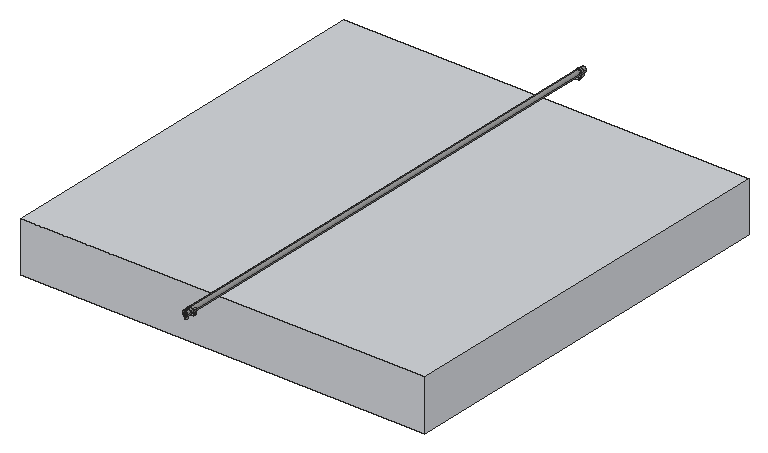
Revit family "L-line A 3.0", category Осветительные приборы, Revit 2017 (continued)
Types (6, lengths in mm): name | Wattage | built-in parameter 1150134 | Файл фотометрической сетки | built-in parameter 1150142 | built-in parameter 1150105 | Lumens | built-in parameter 1150107 | built-in parameter 1150106 | Артикул
  L-line A 3.0 3.0K Д (матовый) | 61.7738 W | (empty or 0) | "L-line A 3.0-86-D-3.0K-03.ies" | "IESNA:LM-63-1995\r\n[TEST]LEDEL\r\n[DATA]28.10.2017\r\n[MANUFAC]LEDEL\r\n[LUMCAT]L-line A 3.0/86/Д/3.0K/03\r\n[LUMINAIRE]Предназначен  для  архитектурной и декоративной  подсветки\r\n[LAMPCAT]LED\r\n[LAMP]OSRAM DURIS \r\nTILT=NONE\r\n\r\n\r\n1 9076  3.2803867365377  37 19 1 2 3.0 0.042 0.043\r\n\r\n1 1 86.4\r\n\r\n 0 2.5 5 7.5 10 12.5 15 17.5 20 22.5 25 27.5 30 32.5 35 37.5 40 42.5 45 47.5\r\n 50 52.5 55 57.5 60 62.5 65 67.5 70 72.5 75 77.5 80 82.5 85 87.5 90\r\n\r\n  0 10 20 30 40 50 60 70 80 90 100 110 120 130 140 150\r\n  160 170 180\r\n\r\n  819 818 817 812 806 800 789 778 765 751 734 717 699 679 658\r\n  637 616 591 568 544 521 496 469 446 421 396 372 347 324 300\r\n  277 257 234 216 195 177 160\r\n  819 819 817 812 810 803 795 787 775 765 754 740 726 711 696\r\n  679 663 643 626 607 586 567 548 529 511 491 469 446 422 400\r\n  378 355 337 317 299 281 263\r\n  808 806 806 803 797 792 784 776 765 755 742 729 714 700 683\r\n  667 649 630 611 591 570 551 528 509 487 468 447 425 403 384\r\n  362 343 321 303 283 264 248\r\n  800 800 797 795 789 784 774 764 755 743 729 715 700 681 665\r\n  647 629 609 586 566 547 526 507 484 466 444 422 402 381 360\r\n  338 319 299 280 263 244 229\r\n  811 811 809 804 799 793 783 773 762 748 734 719 702 685 666\r\n  644 625 602 582 560 536 515 492 466 445 421 400 378 354 333\r\n  312 292 271 251 232 215 198\r\n  819 818 817 812 806 800 789 778 765 751 734 717 699 679 658\r\n  637 616 591 568 544 521 496 469 446 421 396 372 347 324 300\r\n  277 257 234 216 195 177 160\r\n  820 819 818 812 806 800 789 778 764 748 732 714 693 674 652\r\n  629 606 578 556 528 502 477 450 422 395 368 340 313 288 263\r\n  238 214 192 172 151 135 118\r\n  822 821 820 815 809 800 789 777 762 747 729 710 690 667 645\r\n  621 595 567 540 514 485 459 429 402 371 344 313 283 255 226\r\n  200 175 151 128 108 91 76\r\n  825 821 820 815 809 800 788 775 761 745 727 706 685 663 639\r\n  614 588 561 533 504 471 438 410 378 348 317 288 255 224 193\r\n  163 133 107 84 64 46 35\r\n  820 821 818 814 806 797 786 774 759 743 723 705 685 659 636\r\n  610 584 557 527 500 469 441 412 381 351 319 287 253 217 185\r\n  152 120 90 63 39 22 14\r\n  825 822 819 812 805 796 785 771 754 737 720 700 679 655 630\r\n  606 578 552 525 496 469 438 410 379 347 316 285 252 222 189\r\n  159 129 103 80 60 42 31\r\n  822 821 817 811 806 796 786 773 756 739 722 701 682 659 635\r\n  611 586 559 533 504 477 448 419 390 360 330 300 271 241 216\r\n  188 162 138 118 99 83 66\r\n  820 819 815 810 803 795 784 771 756 740 723 707 688 665 642\r\n  619 597 572 545 518 493 466 438 411 383 355 329 301 274 250\r\n  225 203 181 161 141 126 109\r\n  819 818 814 810 803 795 786 773 759 746 731 714 694 674 655\r\n  633 611 587 563 540 515 488 463 437 412 386 362 338 313 289\r\n  267 247 225 206 187 169 152\r\n  811 811 806 802 795 788 779 770 756 743 729 713 696 677 658\r\n  638 617 595 573 550 528 504 480 458 433 411 387 364 343 320\r\n  299 279 258 240 222 203 186\r\n  800 800 800 795 787 780 773 765 756 741 723 708 693 677 658\r\n  641 619 599 579 558 536 515 493 472 452 429 408 386 367 345\r\n  324 306 288 267 249 231 215\r\n  808 807 805 803 797 789 783 774 764 753 739 727 712 697 680\r\n  660 642 623 604 584 562 541 521 499 477 455 435 413 393 373\r\n  353 332 313 292 274 257 240\r\n  819 819 817 812 810 803 795 786 774 763 753 739 726 708 693\r\n  675 658 641 620 601 583 562 540 519 499 477 454 435 413 390\r\n  370 349 329 311 294 274 256\r\n  819 818 814 810 803 795 786 773 759 746 731 714 694 674 655\r\n  633 611 587 563 540 515 488 463 437 412 386 362 338 313 289\r\n  267 247 225 206 187 169 152\r\n\r" | 730.2 (stored number, unit not read) | 9176 lm | 3000 (stored number, unit not read) | 7.302 (stored number, unit not read) | "715108600833100"
  L-line A 3.0 4.0K Д (матовый) | 61.7738 W | 12 | "L-line A 3.0-86-D-4.0K-03.ies" | "IESNA:LM-63-1995\r\n[TEST]LEDEL\r\n[DATA]28.10.2017\r\n[MANUFAC]LEDEL\r\n[LUMCAT]L-line A 3.0/86/Д/4.0K/03\r\n[LUMINAIRE]Предназначен  для  архитектурной и декоративной  подсветки\r\n[LAMPCAT]LED\r\n[LAMP]OSRAM DURIS \r\nTILT=NONE\r\n\r\n\r\n1 9076  3.2803867365377  37 19 1 2 3.0 0.042 0.043\r\n\r\n1 1 86.4\r\n\r\n 0 2.5 5 7.5 10 12.5 15 17.5 20 22.5 25 27.5 30 32.5 35 37.5 40 42.5 45 47.5\r\n 50 52.5 55 57.5 60 62.5 65 67.5 70 72.5 75 77.5 80 82.5 85 87.5 90\r\n\r\n  0 10 20 30 40 50 60 70 80 90 100 110 120 130 140 150\r\n  160 170 180\r\n\r\n  819 818 817 812 806 800 789 778 765 751 734 717 699 679 658\r\n  637 616 591 568 544 521 496 469 446 421 396 372 347 324 300\r\n  277 257 234 216 195 177 160\r\n  819 819 817 812 810 803 795 787 775 765 754 740 726 711 696\r\n  679 663 643 626 607 586 567 548 529 511 491 469 446 422 400\r\n  378 355 337 317 299 281 263\r\n  808 806 806 803 797 792 784 776 765 755 742 729 714 700 683\r\n  667 649 630 611 591 570 551 528 509 487 468 447 425 403 384\r\n  362 343 321 303 283 264 248\r\n  800 800 797 795 789 784 774 764 755 743 729 715 700 681 665\r\n  647 629 609 586 566 547 526 507 484 466 444 422 402 381 360\r\n  338 319 299 280 263 244 229\r\n  811 811 809 804 799 793 783 773 762 748 734 719 702 685 666\r\n  644 625 602 582 560 536 515 492 466 445 421 400 378 354 333\r\n  312 292 271 251 232 215 198\r\n  819 818 817 812 806 800 789 778 765 751 734 717 699 679 658\r\n  637 616 591 568 544 521 496 469 446 421 396 372 347 324 300\r\n  277 257 234 216 195 177 160\r\n  820 819 818 812 806 800 789 778 764 748 732 714 693 674 652\r\n  629 606 578 556 528 502 477 450 422 395 368 340 313 288 263\r\n  238 214 192 172 151 135 118\r\n  822 821 820 815 809 800 789 777 762 747 729 710 690 667 645\r\n  621 595 567 540 514 485 459 429 402 371 344 313 283 255 226\r\n  200 175 151 128 108 91 76\r\n  825 821 820 815 809 800 788 775 761 745 727 706 685 663 639\r\n  614 588 561 533 504 471 438 410 378 348 317 288 255 224 193\r\n  163 133 107 84 64 46 35\r\n  820 821 818 814 806 797 786 774 759 743 723 705 685 659 636\r\n  610 584 557 527 500 469 441 412 381 351 319 287 253 217 185\r\n  152 120 90 63 39 22 14\r\n  825 822 819 812 805 796 785 771 754 737 720 700 679 655 630\r\n  606 578 552 525 496 469 438 410 379 347 316 285 252 222 189\r\n  159 129 103 80 60 42 31\r\n  822 821 817 811 806 796 786 773 756 739 722 701 682 659 635\r\n  611 586 559 533 504 477 448 419 390 360 330 300 271 241 216\r\n  188 162 138 118 99 83 66\r\n  820 819 815 810 803 795 784 771 756 740 723 707 688 665 642\r\n  619 597 572 545 518 493 466 438 411 383 355 329 301 274 250\r\n  225 203 181 161 141 126 109\r\n  819 818 814 810 803 795 786 773 759 746 731 714 694 674 655\r\n  633 611 587 563 540 515 488 463 437 412 386 362 338 313 289\r\n  267 247 225 206 187 169 152\r\n  811 811 806 802 795 788 779 770 756 743 729 713 696 677 658\r\n  638 617 595 573 550 528 504 480 458 433 411 387 364 343 320\r\n  299 279 258 240 222 203 186\r\n  800 800 800 795 787 780 773 765 756 741 723 708 693 677 658\r\n  641 619 599 579 558 536 515 493 472 452 429 408 386 367 345\r\n  324 306 288 267 249 231 215\r\n  808 807 805 803 797 789 783 774 764 753 739 727 712 697 680\r\n  660 642 623 604 584 562 541 521 499 477 455 435 413 393 373\r\n  353 332 313 292 274 257 240\r\n  819 819 817 812 810 803 795 786 774 763 753 739 726 708 693\r\n  675 658 641 620 601 583 562 540 519 499 477 454 435 413 390\r\n  370 349 329 311 294 274 256\r\n  819 818 814 810 803 795 786 773 759 746 731 714 694 674 655\r\n  633 611 587 563 540 515 488 463 437 412 386 362 338 313 289\r\n  267 247 225 206 187 169 152\r\n\r" | 730.2 (stored number, unit not read) | 9176 lm | 4000 (stored number, unit not read) | 7.302 (stored number, unit not read) | "715108600843100"
  L-line A 3.0 5.0 Д (матовый) | 61.7738 W | 2 | "L-line A 3.0-86-D-5.0K-03.ies" | "IESNA:LM-63-1995\r\n[TEST]LEDEL\r\n[DATA]28.10.2017\r\n[MANUFAC]LEDEL\r\n[LUMCAT]L-line A 3.0/86/Д/5.0K/03\r\n[LUMINAIRE]Предназначен  для  архитектурной и декоративной  подсветки\r\n[LAMPCAT]LED\r\n[LAMP]OSRAM DURIS \r\nTILT=NONE\r\n\r\n\r\n1 9076  3.2803867365377  37 19 1 2 3.0 0.042 0.043\r\n\r\n1 1 86.4\r\n\r\n 0 2.5 5 7.5 10 12.5 15 17.5 20 22.5 25 27.5 30 32.5 35 37.5 40 42.5 45 47.5\r\n 50 52.5 55 57.5 60 62.5 65 67.5 70 72.5 75 77.5 80 82.5 85 87.5 90\r\n\r\n  0 10 20 30 40 50 60 70 80 90 100 110 120 130 140 150\r\n  160 170 180\r\n\r\n  819 818 817 812 806 800 789 778 765 751 734 717 699 679 658\r\n  637 616 591 568 544 521 496 469 446 421 396 372 347 324 300\r\n  277 257 234 216 195 177 160\r\n  819 819 817 812 810 803 795 787 775 765 754 740 726 711 696\r\n  679 663 643 626 607 586 567 548 529 511 491 469 446 422 400\r\n  378 355 337 317 299 281 263\r\n  808 806 806 803 797 792 784 776 765 755 742 729 714 700 683\r\n  667 649 630 611 591 570 551 528 509 487 468 447 425 403 384\r\n  362 343 321 303 283 264 248\r\n  800 800 797 795 789 784 774 764 755 743 729 715 700 681 665\r\n  647 629 609 586 566 547 526 507 484 466 444 422 402 381 360\r\n  338 319 299 280 263 244 229\r\n  811 811 809 804 799 793 783 773 762 748 734 719 702 685 666\r\n  644 625 602 582 560 536 515 492 466 445 421 400 378 354 333\r\n  312 292 271 251 232 215 198\r\n  819 818 817 812 806 800 789 778 765 751 734 717 699 679 658\r\n  637 616 591 568 544 521 496 469 446 421 396 372 347 324 300\r\n  277 257 234 216 195 177 160\r\n  820 819 818 812 806 800 789 778 764 748 732 714 693 674 652\r\n  629 606 578 556 528 502 477 450 422 395 368 340 313 288 263\r\n  238 214 192 172 151 135 118\r\n  822 821 820 815 809 800 789 777 762 747 729 710 690 667 645\r\n  621 595 567 540 514 485 459 429 402 371 344 313 283 255 226\r\n  200 175 151 128 108 91 76\r\n  825 821 820 815 809 800 788 775 761 745 727 706 685 663 639\r\n  614 588 561 533 504 471 438 410 378 348 317 288 255 224 193\r\n  163 133 107 84 64 46 35\r\n  820 821 818 814 806 797 786 774 759 743 723 705 685 659 636\r\n  610 584 557 527 500 469 441 412 381 351 319 287 253 217 185\r\n  152 120 90 63 39 22 14\r\n  825 822 819 812 805 796 785 771 754 737 720 700 679 655 630\r\n  606 578 552 525 496 469 438 410 379 347 316 285 252 222 189\r\n  159 129 103 80 60 42 31\r\n  822 821 817 811 806 796 786 773 756 739 722 701 682 659 635\r\n  611 586 559 533 504 477 448 419 390 360 330 300 271 241 216\r\n  188 162 138 118 99 83 66\r\n  820 819 815 810 803 795 784 771 756 740 723 707 688 665 642\r\n  619 597 572 545 518 493 466 438 411 383 355 329 301 274 250\r\n  225 203 181 161 141 126 109\r\n  819 818 814 810 803 795 786 773 759 746 731 714 694 674 655\r\n  633 611 587 563 540 515 488 463 437 412 386 362 338 313 289\r\n  267 247 225 206 187 169 152\r\n  811 811 806 802 795 788 779 770 756 743 729 713 696 677 658\r\n  638 617 595 573 550 528 504 480 458 433 411 387 364 343 320\r\n  299 279 258 240 222 203 186\r\n  800 800 800 795 787 780 773 765 756 741 723 708 693 677 658\r\n  641 619 599 579 558 536 515 493 472 452 429 408 386 367 345\r\n  324 306 288 267 249 231 215\r\n  808 807 805 803 797 789 783 774 764 753 739 727 712 697 680\r\n  660 642 623 604 584 562 541 521 499 477 455 435 413 393 373\r\n  353 332 313 292 274 257 240\r\n  819 819 817 812 810 803 795 786 774 763 753 739 726 708 693\r\n  675 658 641 620 601 583 562 540 519 499 477 454 435 413 390\r\n  370 349 329 311 294 274 256\r\n  819 818 814 810 803 795 786 773 759 746 731 714 694 674 655\r\n  633 611 587 563 540 515 488 463 437 412 386 362 338 313 289\r\n  267 247 225 206 187 169 152\r\n\r" | 730.2 (stored number, unit not read) | 9176 lm | 5000 (stored number, unit not read) | 7.302 (stored number, unit not read) | "715108600853100"
